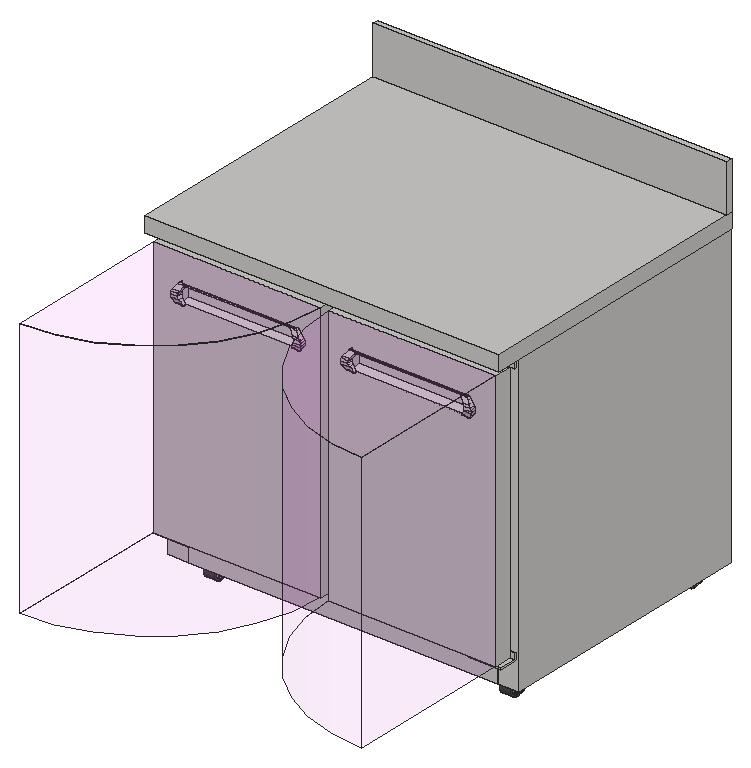
Revit family "Qf_Kelvinator_738338_KCHUCWT36R_2-Door_Worktop_Refrigerator_36_Long", category Specialty Equipment, Revit 2021
Family settings
  Round Connector Dimension = Use Diameter
  Part Type = Normal
  Work Plane-Based = No
  Always vertical = Yes
  Cut with Voids When Loaded = No
  Shared = No
  Room Calculation Point = No
Parameters
  Weight in Pounds = 182.984
  Watts = if(Phase = 3, Volts * FL Amps * 1.73, Volts * FL Amps)  # 230 W
  Volts = 115 V
  URL Cutsheet = ""
  Specification by User = ""
  Specification by Manufacturer = ""
  Show Clearance [instance] = yes
  Serial Number = ""
  Seismic Rating = ""
  SMACNA No = ""
  Revision Code = ""
  Refrigerant Type = "R600a"
  Phase = 1
  Number of Poles = 1
  NAFEM Spec ID Number = ""
  Model = "738338 (KCHUCWT36R)"
  Min Ckt Ampacity = 0 A
  Max Overcurrent Protection = 0 A
  Masterspec = ""
  Manufacturer = "Kelvinator Commercial"
  Length = 36 7/16"
  Item Number = "738338"
  Installed By = ""
  Identify Quantity as Lot = yes
  Height = 39 5/8"
  HP = "1/10"
  Furnished By = ""
  Foodservice Equipment Identifier = yes
  FL Amps = 2 A
  Electrical Remarks = ""
  Electric Connection Type = ""
  Elec Conn RI Height = 0"
  Elec Conn Connection Height = 0"
  Description = "2-Door Worktop Refrigerator 36\" Long"
  Depth = 29 15/16"
  Default Elevation = 0"
  Cycle = 60 Hz
  Conn Plug = "5-15P"
  Conn Conduit = yes
  CSI MasterFormat = ""
  Apparent Power = if(Phase = 3, Volts * FL Amps * 1.73, Volts * FL Amps)  # 230 VA
Reference planes (in)
  plane 1 "BACK": y = 0
  plane 2: z = 0
  plane 3 "LEFT": x = 0
  plane 4 "RIGHT": x = 36.41732
  plane 5 "FRONT": y = -29.92126
  plane 6 "TOP": z = 39.64567
  plane 7 "Center Y": x = 18.20866
  plane 8 "Center X": y = -14.96063
  plane 9 "Base Height": z = 2.3622
  plane 10: z = 33.14961
  plane 11 "Worktop": z = 34.72441
  plane 12: x = 32.48031
  plane 13: x = 36.4375
  plane 14: y = -29.9375
  plane 15: z = 39.625
Forms (in)
  Extrusion 1, solid, material "QF_Metal - Stainless - Polished"
    sketch origin (0, 0, 34.72441) x (-1, 0, 0) y (0, -1, 0)
      loop
        line (0, 0) -> (0, 29.9375) -> (-36.41732, 29.9375) -> (-36.41732, 0) -> (0, 0)
    from 0 to -1.5748
  Extrusion 2, solid, material "QF_Metal - Stainless - Polished"
    sketch origin (36.41732, 0, 34.72441) x (0, -1, 0) y (0, 0, -1)
      loop
        line (0, 1.5748) -> (27.19734, 1.5748) -> (27.19734, 32.3622) -> (11.81102, 32.3622) -> (11.81102, 22.83465) -> (0, 22.83465) -> (0, 1.5748)
    from -2.30315 to -34.11417
  Extrusion 3, solid, material "QF_Metal - Stainless - Polished"
    sketch origin (0, 0, 0) x (1, 0, 0) y (0, 0, 1)
      loop
        line (2.30315, 2.3622) -> (2.30315, 33.14961) -> (0.09843, 33.14961) -> (0.09843, 2.3622) -> (2.30315, 2.3622)
      loop
        line (36.3189, 33.14961) -> (34.11417, 33.14961) -> (34.11417, 2.3622) -> (36.3189, 2.3622) -> (36.3189, 33.14961)
    from 0 to 27.1811
  Extrusion 4, solid, material "QF_Metal - Stainless - Polished"
    sketch origin (0, 0, -5.11811) x (0, 1, 0) y (0, 0, 1)
      loop
        arc (-27.1811, 37.77165) -> (-27.23876, 37.91085) -> (-27.37795, 37.9685) r 0.19685
        line (-27.37795, 37.9685) -> (-29.08661, 37.9685) -> (-29.08661, 37.85039) -> (-27.29921, 37.85039) -> (-27.29921, 37.22047) -> (-27.1811, 37.22047) -> (-27.1811, 37.77165)
    from 0.45276 to 3.75984
  Extrusion 5, solid, material "QF_Metal - Stainless - Polished"
    sketch origin (0, -27.1811, 0) x (1, 0, 0) y (0, 0, 1)
      loop
        line (17.81496, 32.40157) -> (0.61024, 32.40157) -> (0.61024, 5.61024) -> (17.81496, 5.61024) -> (17.81496, 32.40157)
      loop
        line (18.60236, 32.40157) -> (18.60236, 5.61024) -> (35.80709, 5.61024) -> (35.80709, 32.40157) -> (18.60236, 32.40157)
    from 0.61024 to 2.3937
  Revolve 6, solid, material "QF_Metal - Stainless - Polished"
    sketch origin (1.20079, -180, 26.25883) x (0, 0, 1) y (0, -1, 0)
      loop
        line (6.14274, -151.31693) -> (6.14274, -151.45472) -> (6.59156, -151.45472)
        arc (6.59156, -151.45472) -> (6.62674, -151.44015) -> (6.64131, -151.40497) r 0.04975
        line (6.64131, -151.40497) -> (6.64131, -151.31693) -> (6.14274, -151.31693)
      axis (6.64131, -151.31693) -> (6.14274, -151.31693)
    angle from 0 to 360
  Extrusion 7, solid, material "QF_Metal - Stainless - Polished"
    sketch origin (36.41732, 0, -5.11811) x (0, 1, 0) y (0, 0, -1)
      loop
        line (-27.1811, -37.77165) -> (-27.1811, -37.22047) -> (-27.29921, -37.22047) -> (-27.29921, -37.85039) -> (-29.08661, -37.85039) -> (-29.08661, -37.9685) -> (-27.37795, -37.9685)
        arc (-27.37795, -37.9685) -> (-27.23876, -37.91085) -> (-27.1811, -37.77165) r 0.19685
    from 0.45276 to 3.75984
  Revolve 8, solid, material "QF_Metal - Stainless - Polished"
    sketch origin (35.21654, -180, 26.25883) x (0, 0, 1) y (0, 1, 0)
      loop
        line (6.14274, 151.31693) -> (6.64131, 151.31693) -> (6.64131, 151.40497)
        arc (6.64131, 151.40497) -> (6.62674, 151.44015) -> (6.59156, 151.45472) r 0.04975
        line (6.59156, 151.45472) -> (6.14274, 151.45472) -> (6.14274, 151.31693)
      axis (6.64131, 151.31693) -> (6.14274, 151.31693)
    angle from 0 to 360
  Extrusion 9, solid, material "QF_Metal - Stainless - Polished"
    sketch origin (0, 0, 35.57087) x (0, 1, 0) y (0, 0, 1)
      loop
        line (-27.1811, -30.2126) -> (-27.1811, -29.66142) -> (-27.29921, -29.66142) -> (-27.29921, -30.29134) -> (-29.08661, -30.29134) -> (-29.08661, -30.40945) -> (-27.37795, -30.40945)
        arc (-27.37795, -30.40945) -> (-27.23876, -30.35179) -> (-27.1811, -30.2126) r 0.19685
    from 0.45276 to 3.75984
  Revolve 10, solid, material "QF_Metal - Stainless - Polished"
    sketch origin (1.20079, -180, 4.19392) x (0, 0, -1) y (0, 1, 0)
      loop
        line (-1.41632, 151.31693) -> (-0.91774, 151.31693) -> (-0.91774, 151.40497)
        arc (-0.91774, 151.40497) -> (-0.93232, 151.44015) -> (-0.9675, 151.45472) r 0.04975
        line (-0.9675, 151.45472) -> (-1.41632, 151.45472) -> (-1.41632, 151.31693)
      axis (-0.91774, 151.31693) -> (-1.41632, 151.31693)
    angle from 0 to 360
  Extrusion 11, solid, material "QF_Metal - Stainless - Polished"
    sketch origin (36.41732, 0, 35.57087) x (0, 1, 0) y (0, 0, -1)
      loop
        arc (-27.1811, 30.2126) -> (-27.23876, 30.35179) -> (-27.37795, 30.40945) r 0.19685
        line (-27.37795, 30.40945) -> (-29.08661, 30.40945) -> (-29.08661, 30.29134) -> (-27.29921, 30.29134) -> (-27.29921, 29.66142) -> (-27.1811, 29.66142) -> (-27.1811, 30.2126)
    from 0.45276 to 3.75984
  Revolve 12, solid, material "QF_Metal - Stainless - Polished"
    sketch origin (35.21654, -180, 4.19392) x (0, 0, -1) y (0, -1, 0)
      loop
        line (-1.41632, -151.31693) -> (-1.41632, -151.45472) -> (-0.9675, -151.45472)
        arc (-0.9675, -151.45472) -> (-0.93232, -151.44015) -> (-0.91774, -151.40497) r 0.04975
        line (-0.91774, -151.40497) -> (-0.91774, -151.31693) -> (-1.41632, -151.31693)
      axis (-0.91774, -151.31693) -> (-1.41632, -151.31693)
    angle from 0 to 360
  Extrusion 13, void
    sketch origin (0.61024, -27.1811, 3.16929) x (0, 0, 1) y (0, 1, 0)
      loop
        line (26.49213, -2.3937) -> (27.11311, -2.10413) -> (27.11311, -1.51358) -> (24.81366, -1.51358) -> (24.57783, -2.3937) -> (24.57783, -2.89858) -> (26.49213, -2.89858) -> (26.49213, -2.3937)
    from -2.84232 to -14.79941
  Extrusion 14, solid, material "QF_Metal - Stainless - Polished"
    sketch origin (0.61024, -27.1811, 3.16929) x (0, 0, 1) y (0, 1, 0)
      loop
        arc (25.66255, -2.88583) -> (25.77736, -2.87427) -> (25.88756, -2.84005) r 0.57588
        line (25.88756, -2.84005) -> (26.4466, -2.60275)
        arc (26.4466, -2.60275) -> (26.47987, -2.5711) -> (26.49213, -2.52684) r 0.08605
        line (26.49213, -2.52684) -> (26.49213, -2.3937) -> (24.52362, -2.3937) -> (24.52362, -2.52684)
        arc (24.52362, -2.52684) -> (24.53587, -2.5711) -> (24.56914, -2.60275) r 0.08605
        line (24.56914, -2.60275) -> (25.12816, -2.84004)
        arc (25.12816, -2.84004) -> (25.23839, -2.87426) -> (25.35322, -2.88583) r 0.57598
        line (25.35322, -2.88583) -> (25.66255, -2.88583)
    from -2.08661 to -15.55512
  Extrusion 15, void
    sketch origin (0, -29.5748, 0) x (1, 0, 0) y (0, 0, 1)
      loop
        arc (3.06002, 27.7398) -> (3.09731, 27.70539) -> (3.1465, 27.69291) r 0.10321
        line (3.1465, 27.69291) -> (3.87833, 27.69291)
        arc (3.87833, 27.69291) -> (3.90778, 27.71044) -> (3.9064, 27.74469) r 0.0335
        line (3.9064, 27.74469) -> (3.54363, 28.30172)
        arc (3.54363, 28.30172) -> (3.47581, 28.44848) -> (3.45256, 28.60847) r 0.5621
        line (3.45256, 28.60847) -> (3.45256, 28.73108)
        arc (3.45256, 28.73108) -> (3.46785, 28.83045) -> (3.51232, 28.92062) r 0.33045
        line (3.51232, 28.92062) -> (3.92503, 29.51004)
        arc (3.92503, 29.51004) -> (3.99539, 29.57174) -> (4.08628, 29.59398) r 0.19685
        line (4.08628, 29.59398) -> (14.77592, 29.59398)
        arc (14.77592, 29.59398) -> (14.86682, 29.57174) -> (14.93717, 29.51004) r 0.19685
        line (14.93717, 29.51004) -> (15.34989, 28.92062)
        arc (15.34989, 28.92062) -> (15.39435, 28.83045) -> (15.40965, 28.73108) r 0.33045
        line (15.40965, 28.73108) -> (15.40965, 28.60847)
        arc (15.40965, 28.60847) -> (15.3864, 28.44848) -> (15.31857, 28.30172) r 0.5621
        line (15.31857, 28.30172) -> (14.95581, 27.74469)
        arc (14.95581, 27.74469) -> (14.95443, 27.71044) -> (14.98388, 27.69291) r 0.0335
        line (14.98388, 27.69291) -> (15.7157, 27.69291)
        arc (15.7157, 27.69291) -> (15.76489, 27.70539) -> (15.80219, 27.7398) r 0.10321
        line (15.80219, 27.7398) -> (16.09437, 28.18846)
        arc (16.09437, 28.18846) -> (16.1442, 28.30275) -> (16.15402, 28.42704) r 0.37698
        line (16.15402, 28.42704) -> (16.13067, 28.69395)
        arc (16.13067, 28.69395) -> (16.11058, 28.78454) -> (16.06774, 28.86684) r 0.35543
        line (16.06774, 28.86684) -> (15.56744, 29.58134)
        arc (15.56744, 29.58134) -> (15.50032, 29.6402) -> (15.41361, 29.66142) r 0.1878
        line (15.41361, 29.66142) -> (3.4486, 29.66142)
        arc (3.4486, 29.66142) -> (3.36188, 29.6402) -> (3.29476, 29.58133) r 0.1878
        line (3.29476, 29.58133) -> (2.79447, 28.86684)
        arc (2.79447, 28.86684) -> (2.75162, 28.78454) -> (2.73154, 28.69395) r 0.35543
        line (2.73154, 28.69395) -> (2.70819, 28.42704)
        arc (2.70819, 28.42704) -> (2.71801, 28.30275) -> (2.76783, 28.18846) r 0.37698
        line (2.76783, 28.18846) -> (3.06002, 27.7398)
      loop
        line (2.34034, 30.14943) -> (2.34034, 27.27147) -> (16.50464, 27.27147) -> (16.50464, 30.14943) -> (2.34034, 30.14943)
      loop
        line (33.3573, 27.7398) -> (33.64949, 28.18846)
        arc (33.64949, 28.18846) -> (33.69931, 28.30275) -> (33.70914, 28.42704) r 0.37698
        line (33.70914, 28.42704) -> (33.68578, 28.69395)
        arc (33.68578, 28.69395) -> (33.6657, 28.78454) -> (33.62286, 28.86684) r 0.35543
        line (33.62286, 28.86684) -> (33.12256, 29.58133)
        arc (33.12256, 29.58133) -> (33.05544, 29.6402) -> (32.96872, 29.66142) r 0.1878
        line (32.96872, 29.66142) -> (21.00371, 29.66142)
        arc (21.00371, 29.66142) -> (20.917, 29.6402) -> (20.84988, 29.58134) r 0.1878
        line (20.84988, 29.58134) -> (20.34958, 28.86684)
        arc (20.34958, 28.86684) -> (20.30674, 28.78454) -> (20.28666, 28.69395) r 0.35543
        line (20.28666, 28.69395) -> (20.26331, 28.42704)
        arc (20.26331, 28.42704) -> (20.27313, 28.30275) -> (20.32295, 28.18846) r 0.37698
        line (20.32295, 28.18846) -> (20.61514, 27.7398)
        arc (20.61514, 27.7398) -> (20.65243, 27.70539) -> (20.70162, 27.69291) r 0.10321
        line (20.70162, 27.69291) -> (21.43345, 27.69291)
        arc (21.43345, 27.69291) -> (21.46289, 27.71044) -> (21.46152, 27.74469) r 0.0335
        line (21.46152, 27.74469) -> (21.09875, 28.30172)
        arc (21.09875, 28.30172) -> (21.03093, 28.44848) -> (21.00768, 28.60847) r 0.5621
        line (21.00768, 28.60847) -> (21.00768, 28.73108)
        arc (21.00768, 28.73108) -> (21.02297, 28.83045) -> (21.06744, 28.92062) r 0.33045
        line (21.06744, 28.92062) -> (21.48015, 29.51004)
        arc (21.48015, 29.51004) -> (21.5505, 29.57174) -> (21.6414, 29.59398) r 0.19685
        line (21.6414, 29.59398) -> (32.33104, 29.59398)
        arc (32.33104, 29.59398) -> (32.42194, 29.57174) -> (32.49229, 29.51004) r 0.19685
        line (32.49229, 29.51004) -> (32.905, 28.92062)
        arc (32.905, 28.92062) -> (32.94947, 28.83045) -> (32.96477, 28.73108) r 0.33045
        line (32.96477, 28.73108) -> (32.96477, 28.60847)
        arc (32.96477, 28.60847) -> (32.94152, 28.44848) -> (32.87369, 28.30172) r 0.5621
        line (32.87369, 28.30172) -> (32.51093, 27.74469)
        arc (32.51093, 27.74469) -> (32.50955, 27.71044) -> (32.53899, 27.69291) r 0.0335
        line (32.53899, 27.69291) -> (33.27082, 27.69291)
        arc (33.27082, 27.69291) -> (33.32001, 27.70539) -> (33.3573, 27.7398) r 0.10321
      loop
        line (34.07698, 30.14943) -> (19.91268, 30.14943) -> (19.91268, 27.27147) -> (34.07698, 27.27147) -> (34.07698, 30.14943)
    from 0 to 0.84096
  Extrusion 16, void
    sketch origin (35.80709, -27.1811, 25.29134) x (0, 0, 1) y (0, -1, 0)
      loop
        line (4.37008, 2.3937) -> (4.37008, 2.89858) -> (2.45578, 2.89858) -> (2.45578, 2.3937) -> (2.69161, 1.51358) -> (4.99106, 1.51358) -> (4.99106, 2.10413) -> (4.37008, 2.3937)
    from -2.84232 to -14.79941
  Extrusion 17, solid, material "QF_Metal - Stainless - Polished"
    sketch origin (35.80709, -27.1811, 3.16929) x (0, 0, 1) y (0, -1, 0)
      loop
        line (26.4466, 2.60275) -> (25.88756, 2.84005)
        arc (25.88756, 2.84005) -> (25.77736, 2.87427) -> (25.66255, 2.88583) r 0.57588
        line (25.66255, 2.88583) -> (25.35322, 2.88583)
        arc (25.35322, 2.88583) -> (25.23839, 2.87426) -> (25.12816, 2.84004) r 0.57598
        line (25.12816, 2.84004) -> (24.56914, 2.60275)
        arc (24.56914, 2.60275) -> (24.53587, 2.5711) -> (24.52362, 2.52684) r 0.08605
        line (24.52362, 2.52684) -> (24.52362, 2.3937) -> (26.49213, 2.3937) -> (26.49213, 2.52684)
        arc (26.49213, 2.52684) -> (26.47987, 2.5711) -> (26.4466, 2.60275) r 0.08605
    from -2.08661 to -15.55512
  Extrusion 18, solid, material "QF_Metal - Stainless - Polished"
    sketch origin (0.09843, 0, 2.3622) x (0, 0, 1) y (0, 1, 0)
      loop
        line (0, -11.81102) -> (0, 0) -> (-0.70866, 0) -> (-0.70866, -0.31496) -> (-0.64961, -0.31496) -> (-0.64961, -0.05906) -> (-0.05906, -0.05906) -> (-0.05906, -11.81102) -> (0, -11.81102)
      loop
        line (0, -27.02362) -> (0, -21.82677) -> (-0.70866, -21.82677) -> (-0.70866, -22.14173) -> (-0.64961, -22.14173) -> (-0.64961, -21.88583) -> (-0.05906, -21.88583) -> (-0.05906, -27.02362) -> (0, -27.02362)
    from -0.94882 to -35.27165
  Extrusion 19, solid, material "QF_Metal - Stainless - Polished"
    sketch origin (0, 0, 0) x (-1, 0, 0) y (0, 0, 1)
      loop
        line (-2.30315, 11.88976) -> (-34.11417, 11.88976) -> (-34.11417, 2.3622) -> (-2.30315, 2.3622) -> (-2.30315, 11.88976)
    from 0 to -0.0626
  Extrusion 20, solid, material "QF_Rubber - Black - Smooth"
    sketch origin (0, 0, 0) x (-1, 0, 0) y (0, 0, 1)
      loop
        circle (-32.48031, 10.77165) r 0.25
    from 0 to 0.0626
  Extrusion 21, solid, material "QF_Clearances_Door_Drawer", visible <- "Show Clearance"
    sketch origin (14.06858, -27.1811, 5.61024) x (0, -1, 0) y (-1, 0, 0)
      loop
        line (2.3937, -4.53378) -> (2.3937, -21.73851) -> (19.59843, -21.73851)
        arc (19.59843, -21.73851) -> (14.55928, -9.57293) -> (2.3937, -4.53378) r 17.20472
      loop
        arc (2.3937, -3.74638) -> (14.55928, 1.29277) -> (19.59843, 13.45834) r 17.20472
        line (19.59843, 13.45834) -> (2.3937, 13.45834) -> (2.3937, -3.74638)
    from 0 to -26.79134
  Extrusion 22, solid, material "QF_Rubber - Black - Smooth"
    sketch origin (0, -27.79134, 0) x (-1, 0, 0) y (0, 0, 1)
      loop
        line (-1.11024, 31.90157) -> (-17.31496, 31.90157) -> (-17.31496, 6.11024) -> (-1.11024, 6.11024) -> (-1.11024, 31.90157)
      loop
        line (-35.30709, 31.90157) -> (-35.30709, 6.11024) -> (-19.10236, 6.11024) -> (-19.10236, 31.90157) -> (-35.30709, 31.90157)
    from 0 to 0.61024
  Extrusion 23, solid, material "QF_Metal - Stainless - Polished"
    sketch origin (0, 0, 34.72441) x (-1, 0, 0) y (0, -1, 0)
      loop
        line (0, 0) -> (0, 0.60236) -> (-36.4375, 0.60236) -> (-36.4375, 0) -> (0, 0)
    from 0 to 4.90059
Cuts and joins
  joined: Extrusion 2, Extrusion 3
  Extrusion 13, Extrusion 16 cuts Extrusion 5
  Extrusion 15, Extrusion 16 cuts Extrusion 14
  Extrusion 15 cuts Extrusion 17
Lines and regions (in)
  symbolic lines
    curve 1: line (0, 0, 39.64567) -> (36.4375, 0, 39.64567)
    curve 2: line (0, -29.9375, 39.64567) -> (0, 0, 39.64567)
    curve 3: line (36.4375, -29.9375, 39.64567) -> (0, -29.9375, 39.64567)
    curve 4: line (36.4375, 0, 39.64567) -> (36.4375, -29.9375, 39.64567)
    curve 9: line (0, -0.60236, 39.64567) -> (36.4375, -0.60236, 39.64567)
  symbolic lines, style "QF_Clearances_Door_Drawer", visible <- "Show Clearance"
    curve 5: line (35.17888, -29.9375, 39.64567) -> (20.90736, -38.17717, 39.64567)
    curve 6: arc (20.90736, -38.17717, 39.64567) -> (19.23646, -34.20264, 39.64567) -> (18.60619, -29.9375, 39.64567) r 17.20472
    curve 7: line (1.23845, -29.9375, 39.64567) -> (15.50996, -38.17717, 39.64567)
    curve 8: arc (15.50996, -38.17717, 39.64567) -> (17.18086, -34.20264, 39.64567) -> (17.81114, -29.9375, 39.64567) r 17.20472
Dimensions and locks (in)
  equal spacing: plane 3 "LEFT", plane 7 "Center Y", plane 4 "RIGHT"
  plane 3 "LEFT" to plane 4 "RIGHT" = 36.41732"
  equal spacing: plane 5 "FRONT", plane 8 "Center X", plane 1 "BACK"
  plane 5 "FRONT" to plane 1 "BACK" = 29.92126"
  plane 6 "TOP" to level = 39.64567"
  plane 9 "Base Height" to level = 2.3622"
  plane 6 "TOP" to plane 9 "Base Height" = 37.28346"
  plane 10 to plane 9 "Base Height" = 30.7874"
  plane 11 "Worktop" to plane 10 = 1.5748"
  plane 12 to plane 4 "RIGHT" = 3.93701"
  plane 3 "LEFT" to plane 13 = 36 7/16"
  plane 1 "BACK" to plane 14 = 29 15/16"
  plane 15 to level = 39 5/8"
  aligned and locked: level to plane 2
Automatic sketch dimensions
  Extrusion 2 sketch curve to Extrusion 1 = 0"  (x2)
  Extrusion 1 to Extrusion 2 sketch curve = 11.81102"
  Extrusion 1 to Extrusion 2 sketch curve = 2.74016"
  Extrusion 2 sketch curve to Extrusion 1 = 21.25984"
  Extrusion 2 sketch curve to Extrusion 2 sketch curve = 9.52756"
  Extrusion 3 sketch curve to plane 9 "Base Height" = 0"  (x2)
  plane 3 "LEFT" to Extrusion 3 sketch curve = 0.09843"
  Extrusion 3 sketch curve to Extrusion 3 sketch curve = 2.20472"
  plane 4 "RIGHT" to Extrusion 3 sketch curve = 2.30315"
  plane 4 "RIGHT" to Extrusion 3 sketch curve = 0.09843"
  Extrusion 3 sketch curve to plane 6 "TOP" = 6.49606"  (x2)
  Extrusion 4 sketch curve to plane 5 "FRONT" = 0.83465"
  Extrusion 4 sketch curve to Extrusion 4 sketch curve = 1.70866"
  Extrusion 4 sketch curve to Extrusion 4 sketch curve = 0.07874"
  Extrusion 4 sketch curve to Extrusion 4 sketch curve = 0.11811"  (x2)
  Extrusion 4 sketch curve to plane 6 "TOP" = 7.54331"
  Extrusion 4 sketch curve to Extrusion 4 sketch curve = 0.55118"
  Extrusion 5 sketch curve to Extrusion 3 = 0.51181"  (x2)
  Extrusion 5 sketch curve to Extrusion 3 = 0.74803"  (x2)
  Extrusion 3 to Extrusion 5 sketch curve = 15.51181"
  Extrusion 5 sketch curve to Extrusion 5 sketch curve = 0.7874"
  Extrusion 5 sketch curve to Extrusion 3 = 3.24803"
  Extrusion 5 sketch curve to Extrusion 5 sketch curve = 0"
  Revolve 6 sketch curve to plane 6 "TOP" = 7.24409"
  Revolve 6 sketch curve to Revolve 6 sketch curve = 0.44882"
  Revolve 6 sketch curve to Revolve 6 sketch curve = 0.04975"
  Revolve 6 sketch curve to plane 5 "FRONT" = 1.37598"
  Revolve 6 sketch curve to Revolve 6 sketch curve = 0.1378"
  Revolve 6 sketch curve to Revolve 6 sketch curve = 0.68421"
  Revolve 6 sketch curve to Revolve 6 sketch curve = 0"  (x2)
  Extrusion 7 sketch curve to plane 5 "FRONT" = 0.83465"
  Extrusion 7 sketch curve to Extrusion 7 sketch curve = 1.70866"
  Extrusion 7 sketch curve to Extrusion 7 sketch curve = 0.07874"  (x2)
  Extrusion 7 sketch curve to Extrusion 7 sketch curve = 0.11811"
  Extrusion 7 sketch curve to plane 6 "TOP" = 6.79528"
  Extrusion 7 sketch curve to Extrusion 7 sketch curve = 0.55118"
  Revolve 8 sketch curve to plane 6 "TOP" = 7.24409"
  Revolve 8 sketch curve to Revolve 8 sketch curve = 0.44882"
  Revolve 8 sketch curve to Revolve 8 sketch curve = 0.04975"
  Revolve 8 sketch curve to plane 5 "FRONT" = 1.23819"
  Revolve 8 sketch curve to Revolve 8 sketch curve = 0.08804"
  Revolve 8 sketch curve to Revolve 8 sketch curve = 0.68421"
  Revolve 8 sketch curve to Revolve 8 sketch curve = 0"  (x2)
  Extrusion 9 sketch curve to plane 5 "FRONT" = 0.83465"
  plane 9 "Base Height" to Extrusion 9 sketch curve = 2.79921"
  Extrusion 9 sketch curve to Extrusion 9 sketch curve = 1.70866"
  Extrusion 9 sketch curve to Extrusion 9 sketch curve = 0.07874"  (x2)
  Extrusion 9 sketch curve to Extrusion 9 sketch curve = 0.11811"
  Extrusion 9 sketch curve to Extrusion 9 sketch curve = 0.55118"
  plane 9 "Base Height" to Revolve 10 sketch curve = 3.24803"
  plane 9 "Base Height" to Revolve 10 sketch curve = 2.79921"
  Revolve 10 sketch curve to Revolve 10 sketch curve = 0.04975"
  Revolve 10 sketch curve to plane 5 "FRONT" = 1.23819"
  Revolve 10 sketch curve to Revolve 10 sketch curve = 0.08804"
  Revolve 10 sketch curve to Revolve 10 sketch curve = 0.68421"
  Revolve 10 sketch curve to Revolve 10 sketch curve = 0"  (x2)
  Extrusion 11 sketch curve to plane 5 "FRONT" = 0.83465"
  plane 9 "Base Height" to Extrusion 11 sketch curve = 2.79921"
  Extrusion 11 sketch curve to Extrusion 11 sketch curve = 1.70866"
  Extrusion 11 sketch curve to Extrusion 11 sketch curve = 0.07874"
  Extrusion 11 sketch curve to Extrusion 11 sketch curve = 0.11811"  (x2)
  Extrusion 11 sketch curve to Extrusion 11 sketch curve = 0.55118"
  plane 9 "Base Height" to Revolve 12 sketch curve = 3.24803"
  plane 9 "Base Height" to Revolve 12 sketch curve = 2.79921"
  Revolve 12 sketch curve to Revolve 12 sketch curve = 0.04975"
  Revolve 12 sketch curve to plane 5 "FRONT" = 1.37598"
  Revolve 12 sketch curve to Revolve 12 sketch curve = 0.1378"
  Revolve 12 sketch curve to Revolve 12 sketch curve = 0.68421"
  Revolve 12 sketch curve to Revolve 12 sketch curve = 0"  (x2)
  Extrusion 13 sketch curve to Extrusion 5 = 0"  (x2)
  Extrusion 5 to Extrusion 13 sketch curve = 4.65445"
  Extrusion 13 sketch curve to Extrusion 13 sketch curve = 0.23583"
  Extrusion 13 sketch curve to Extrusion 13 sketch curve = 1.67847"
  Extrusion 5 to Extrusion 13 sketch curve = 0.28957"
  Extrusion 13 sketch curve to Extrusion 13 sketch curve = 0.62098"
  Extrusion 13 sketch curve to Extrusion 5 = 0.50488"
  Extrusion 13 sketch curve to Extrusion 13 sketch curve = 0.59055"
  Extrusion 14 sketch curve to Extrusion 5 = 0"
  Extrusion 14 sketch curve to Extrusion 5 = 0.13314"  (x2)
  Extrusion 5 to Extrusion 14 sketch curve = 4.70866"
  Extrusion 14 sketch curve to Extrusion 5 = 0.20905"  (x2)
  Extrusion 14 sketch curve to Extrusion 14 sketch curve = 0.04552"
  Extrusion 14 sketch curve to Extrusion 5 = 0.44634"
  Extrusion 14 sketch curve to Extrusion 14 sketch curve = 0.51849"
  Extrusion 14 sketch curve to Extrusion 14 sketch curve = 0.22505"
  Extrusion 14 sketch curve to Extrusion 14 sketch curve = 0.30933"
  Extrusion 14 sketch curve to Extrusion 5 = 0.44635"
  Extrusion 14 sketch curve to Extrusion 14 sketch curve = 0.22501"
  Extrusion 14 sketch curve to Extrusion 14 sketch curve = 0.51851"
  Extrusion 14 sketch curve to Extrusion 14 sketch curve = 0.04053"
  Extrusion 14 sketch curve to Extrusion 14 sketch curve = 0.04578"
  Extrusion 16 sketch curve to plane 5 "FRONT" = 0.34646"  (x2)
  Extrusion 16 sketch curve to plane 6 "TOP" = 11.89855"
  Extrusion 16 sketch curve to Extrusion 16 sketch curve = 0.23583"
  Extrusion 16 sketch curve to Extrusion 16 sketch curve = 1.67847"
  Extrusion 16 sketch curve to Extrusion 16 sketch curve = 0.62098"
  Extrusion 16 sketch curve to plane 5 "FRONT" = 0.63603"
  Extrusion 16 sketch curve to Extrusion 16 sketch curve = 0.88012"
  plane 5 "FRONT" to Extrusion 16 sketch curve = 0.15842"
  Extrusion 15 sketch curve to Extrusion 5 = 1.7301"
  Extrusion 15 sketch curve to Extrusion 15 sketch curve = 0.36785"
  Extrusion 15 sketch curve to Extrusion 15 sketch curve = 0.02335"  (x2)
  Extrusion 15 sketch curve to Extrusion 15 sketch curve = 0.05965"  (x4)
  Extrusion 15 sketch curve to Extrusion 15 sketch curve = 0.06293"  (x4)
  Extrusion 15 sketch curve to Extrusion 15 sketch curve = 0.29218"  (x2)
  Extrusion 15 sketch curve to Extrusion 15 sketch curve = 0.37554"  (x2)
  Extrusion 15 sketch curve to Extrusion 15 sketch curve = 0.00189"  (x4)
  Extrusion 15 sketch curve to Extrusion 15 sketch curve = 0.08648"  (x4)
  Extrusion 15 sketch curve to Extrusion 15 sketch curve = 0.5003"  (x2)
  Extrusion 15 sketch curve to Extrusion 15 sketch curve = 0.15384"  (x2)
  Extrusion 15 sketch curve to Extrusion 15 sketch curve = 0.36694"  (x4)
  Extrusion 15 sketch curve to Extrusion 15 sketch curve = 0.05976"  (x4)
  Extrusion 15 sketch curve to Extrusion 15 sketch curve = 0.09108"  (x2)
  Extrusion 15 sketch curve to Extrusion 15 sketch curve = 0.33045"
  Extrusion 15 sketch curve to Extrusion 15 sketch curve = 0.3347"  (x2)
  Extrusion 15 sketch curve to Extrusion 15 sketch curve = 0.02807"  (x4)
  Extrusion 15 sketch curve to Extrusion 15 sketch curve = 0.47643"  (x2)
  Extrusion 15 sketch curve to Extrusion 15 sketch curve = 0.23164"  (x4)
  Extrusion 15 sketch curve to Extrusion 15 sketch curve = 0.16125"  (x4)
  Extrusion 15 sketch curve to Extrusion 5 = 3.03904"
  Extrusion 15 sketch curve to Extrusion 15 sketch curve = 0.07163"  (x2)
  Extrusion 15 sketch curve to Extrusion 15 sketch curve = 0.10826"  (x2)
  Extrusion 15 sketch curve to Extrusion 15 sketch curve = 0.23938"  (x2)
  Extrusion 15 sketch curve to Extrusion 15 sketch curve = 0.27069"  (x3)
  Extrusion 15 sketch curve to Extrusion 15 sketch curve = 0.47644"  (x2)
  Extrusion 15 sketch curve to Extrusion 15 sketch curve = 0.15383"  (x2)
  Extrusion 15 sketch curve to Extrusion 15 sketch curve = 0.39713"  (x2)
  Extrusion 15 sketch curve to Extrusion 15 sketch curve = 0.29115"  (x2)
  Extrusion 15 sketch curve to Extrusion 15 sketch curve = 0.3159"  (x2)
  Extrusion 15 sketch curve to Extrusion 15 sketch curve = 0.9372"
  Extrusion 15 sketch curve to Extrusion 5 = 1.31032"
  Extrusion 15 sketch curve to Extrusion 15 sketch curve = 0.35062"
  Extrusion 15 sketch curve to Extrusion 5 = 3.47605"
  Extrusion 15 sketch curve to Extrusion 15 sketch curve = 0.71968"
  Extrusion 15 sketch curve to Extrusion 5 = 5.13011"  (x2)
  Extrusion 15 sketch curve to Extrusion 15 sketch curve = 0.42145"  (x4)
  Extrusion 15 sketch curve to Extrusion 15 sketch curve = 0.0335"  (x4)
  Extrusion 15 sketch curve to Extrusion 15 sketch curve = 3/64"  (x4)
  Extrusion 15 sketch curve to Extrusion 15 sketch curve = 0.44866"  (x4)
  Extrusion 15 sketch curve to Extrusion 15 sketch curve = 0.5056"  (x4)
  Extrusion 15 sketch curve to Extrusion 15 sketch curve = 0.20572"  (x4)
  Extrusion 15 sketch curve to Extrusion 15 sketch curve = 0.26879"  (x4)
  Extrusion 15 sketch curve to Extrusion 15 sketch curve = 0.26691"  (x4)
  Extrusion 15 sketch curve to Extrusion 15 sketch curve = 0.12262"  (x4)
  Extrusion 15 sketch curve to Extrusion 15 sketch curve = 0.66605"  (x4)
  Extrusion 15 sketch curve to Extrusion 15 sketch curve = 0.55299"  (x2)
  Extrusion 15 sketch curve to Extrusion 15 sketch curve = 0.553"  (x2)
  Extrusion 15 sketch curve to Extrusion 15 sketch curve = 0.11291"  (x2)
  Extrusion 15 sketch curve to Extrusion 15 sketch curve = 0.10772"  (x2)
  Extrusion 15 sketch curve to Extrusion 15 sketch curve = 0.56809"  (x2)
  Extrusion 17 sketch curve to Extrusion 5 = 0"
  Extrusion 17 sketch curve to Extrusion 5 = 4.70866"
  Extrusion 17 sketch curve to Extrusion 5 = 0.20905"  (x2)
  Extrusion 17 sketch curve to Extrusion 17 sketch curve = 0.04552"
  Extrusion 17 sketch curve to Extrusion 17 sketch curve = 0.04053"  (x2)
  Extrusion 17 sketch curve to Extrusion 5 = 0.44634"
  Extrusion 17 sketch curve to Extrusion 17 sketch curve = 0.51849"
  Extrusion 17 sketch curve to Extrusion 17 sketch curve = 0.22505"
  Extrusion 5 to Extrusion 17 sketch curve = 0.08375"
  Extrusion 17 sketch curve to Extrusion 17 sketch curve = 0.30933"
  Extrusion 17 sketch curve to Extrusion 5 = 0.44635"
  Extrusion 17 sketch curve to Extrusion 17 sketch curve = 0.22501"
  Extrusion 17 sketch curve to Extrusion 5 = 0.13314"
  Extrusion 17 sketch curve to Extrusion 17 sketch curve = 0.51851"
  Extrusion 3 to Extrusion 19 sketch curve = 0"
  Extrusion 19 sketch curve to Extrusion 3 = 0"  (x2)
  Extrusion 19 sketch curve to Extrusion 3 = 9.52756"
  Extrusion 20 sketch curve to Extrusion 19 = 1.63386"
  Extrusion 20 sketch curve to Extrusion 19 = 1.11811"
  Extrusion 5 to Extrusion 21 sketch curve = 0"
  Extrusion 21 sketch curve to Extrusion 5 = 0"  (x3)
  Extrusion 5 to Extrusion 21 sketch curve = 17.20472"
  Extrusion 21 sketch curve to Extrusion 21 sketch curve = 0.7874"
  Extrusion 22 sketch curve to Extrusion 5 = 1/2"  (x8)
  plane 1 "BACK" to curve 1 = 0"
  curve 1 to plane 4 "RIGHT" = 0.02018"
  plane 5 "FRONT" to curve 5 = 0.01624"
  curve 2 to plane 3 "LEFT" = 0"
  plane 4 "RIGHT" to curve 6 = 0.61024"
  plane 7 "Center Y" to curve 5 = 2.6987"
  curve 7 to plane 7 "Center Y" = 2.6987"
  plane 3 "LEFT" to curve 8 = 0.61024"
  curve 6 to plane 5 "FRONT" = 0.34646"
  curve 8 to plane 5 "FRONT" = 0.34646"
  plane 5 "FRONT" to curve 5 = 8.25591"
  curve 7 to curve 5 = 0"
  curve 6 to curve 5 = 0.62821"
  curve 7 to curve 8 = 0.62821"
  plane 1 "BACK" to Extrusion 1 sketch curve = 0"
  Extrusion 1 sketch curve to plane 4 "RIGHT" = 0"
  Extrusion 1 sketch curve to plane 3 "LEFT" = 0"
  plane 5 "FRONT" to Extrusion 1 sketch curve = 0.01624"
  Extrusion 23 sketch curve to Extrusion 1 = 0"  (x2)
  Extrusion 1 to Extrusion 23 sketch curve = 0.02018"
  Extrusion 23 sketch curve to Extrusion 1 = 0.60236"
  curve 1 to curve 9 = 0.60236"
  Extrusion 18 sketch curve to Extrusion 3 = 0"  (x3)
  Extrusion 18 sketch curve to Extrusion 3 = 0.05906"  (x2)
  Extrusion 18 sketch curve to Extrusion 18 sketch curve = 0.59055"  (x2)
  Extrusion 3 to Extrusion 18 sketch curve = 0.05906"
  Extrusion 18 sketch curve to Extrusion 18 sketch curve = 0.05906"  (x3)
  Extrusion 18 sketch curve to Extrusion 18 sketch curve = 0.25591"  (x2)
  Extrusion 18 sketch curve to Extrusion 18 sketch curve = 11.49606"
  Extrusion 18 sketch curve to Extrusion 18 sketch curve = 10.01575"
  Extrusion 3 to Extrusion 18 sketch curve = 0.15748"
  radius of Extrusion 20 sketch curve = 1/4"
Nested families (in)
  nested 1: "2 INCHES_CASTER" at (33.44094, -2.16535, 0), type "2 INCHES_CASTER"
    with Type Mark "", Specification by User "", Revision Code "", Item Number "", Installed By "", Identify Quantity as Lot yes, Furnished By "", Foodservice Equipment Identifier yes, 2.5 Inches Caster yes
  nested 2: "2 INCHES_CASTER" at (33.44094, -25.01575, 0), type "2 INCHES_CASTER"
    with Type Mark "", Specification by User "", Revision Code "", Item Number "", Installed By "", Identify Quantity as Lot yes, Furnished By "", Foodservice Equipment Identifier yes, 2.5 Inches Caster yes
  nested 3: "2 INCHES_CASTER" at (2.97638, -2.16535, 0), type "2 INCHES_CASTER"
    with Type Mark "", Specification by User "", Revision Code "", Item Number "", Installed By "", Identify Quantity as Lot yes, Furnished By "", Foodservice Equipment Identifier yes, 2.5 Inches Caster yes
  nested 4: "2 INCHES_CASTER" at (2.97638, -25.01575, 0), type "2 INCHES_CASTER"
    with Type Mark "", Specification by User "", Revision Code "", Item Number "", Installed By "", Identify Quantity as Lot yes, Furnished By "", Foodservice Equipment Identifier yes, 2.5 Inches Caster yes
Connectors (in)
  electrical at (32.48031, 0.0626, 10.77165), driven by "Volts"
    settings: on Extrusion 20, index 1, voltage 115 V, apparent load 0 VA, apparent load phase1 0 VA, apparent load phase2 0 VA, apparent load phase3 0 VA, power factor 1, load classification "Other", number of poles 1, system type 30, power factor state 1, is connector primary yes, connector utility no, sub classification motor no, connector description "Electrical Connection"
Definition of nested family "2 INCHES_CASTER"
  Parameters (values of type "2 INCHES_CASTER")
    Weight = ""
    URL Manufacturer = ""
    URL Cutsheet = ""
    URL = ""
    Type Mark [instance] = ""
    Specification by User [instance] = ""
    Specification by Manufacturer = ""
    Serial Number = ""
    Seismic Rating = ""
    SMACNA No = ""
    Revision Code [instance] = ""
    Omniclass Number and Title = ""
    NAFEM Spec ID Number = ""
    Model = ""
    MasterSpec. = ""
    Manufacturer = ""
    Item Number [instance] = ""
    Installed By [instance] = ""
    Identify Quantity as Lot [instance] = yes
    Furnished By [instance] = ""
    Foodservice Equipment Identifier [instance] = yes
    Description = ""
    Default Elevation = 0"
    CSI MasterFormat = ""
    CSI Master Format = ""
    Assembly Code = ""
    2.5 Inches Caster [instance] = yes
  Reference planes (in)
    plane 1: z = 0
    plane 2 "RIGHT": x = 0
    plane 3 "FRONT": y = 0
    plane 4 "TOP": z = 2.30315
  Forms (in)
    Revolve 1, solid, visible <- "2.5 Inches Caster"
      sketch origin (-1.93794, 0.46818, -1.0041) x (1, 0, 0) y (0, 0, 1)
        loop
          line (0.74055, 1.86347) -> (0.74055, 1.78797) -> (0.79055, 1.73797) -> (0.85055, 1.73797) -> (0.85055, 1.6179) -> (1.235, 1.6179) -> (1.235, 1.55055) -> (1.38673, 1.46295) -> (1.4003, 1.3791) -> (1.34375, 1.3791) -> (1.34375, 1.2541) -> (1.375, 1.2541) -> (1.375, 1.0041) -> (2.48438, 1.0041) -> (2.48438, 1.2541) -> (2.51563, 1.2541) -> (2.51563, 1.3791) -> (2.45908, 1.3791) -> (2.47322, 1.46647) -> (2.62438, 1.55374) -> (2.62438, 1.6179) -> (3.04007, 1.6179) -> (3.04007, 1.73797) -> (3.10007, 1.73797) -> (3.15007, 1.78797) -> (3.15007, 1.86347) -> (0.74055, 1.86347)
        axis (0.74055, 1.86347) -> (3.15007, 1.86347)
      angle from 0 to 360
    Extrusion 2, solid, visible <- "2.5 Inches Caster"
      sketch origin (-1.93794, 1.43296, -3.41527) x (0, 1, 0) y (0, 0, 1)
        loop
          line (-0.64294, 5.3791) -> (-2.21294, 5.3791) -> (-2.21294, 5.24769) -> (-1.37414, 5.24769)
          arc (-1.37414, 5.24769) -> (-0.62115, 5.15851) -> (0.05138, 4.80832) r 2.10495
          line (0.05138, 4.80832) -> (0.12713, 4.91318)
          arc (0.12713, 4.91318) -> (-0.07255, 5.06376) -> (-0.29048, 5.18644) r 1.8753
          line (-0.29048, 5.18644) -> (-0.22239, 5.30423)
          arc (-0.22239, 5.30423) -> (-0.42936, 5.36024) -> (-0.64294, 5.3791) r 1.21859
      from 1.17357 to 2.70231
    Revolve 3, solid, visible <- "2.5 Inches Caster"
      sketch origin (0, 1.73858, -3.75) x (0, 1, 0) y (0, 0, 1)
        loop
          line (-1.73858, 5.71382) -> (-1.05793, 5.71382) -> (-1.05793, 6.05315) -> (-1.73858, 6.05315) -> (-1.73858, 5.71382)
        axis (-1.73858, 5.71382) -> (-1.73858, 6.05315)
      angle from 0 to 360
    Extrusion 4, solid, visible <- "2.5 Inches Caster"
      sketch origin (-1.98481, 1.43296, -1.7541) x (0, 1, 0) y (0, 0, 1)
        loop
          line (-2.21294, 3.71792) -> (-2.21294, 3.58652) -> (-1.94904, 3.58652)
          arc (-1.94904, 3.58652) -> (-1.56115, 3.28048) -> (-1.39241, 2.81612) r 0.90292
          arc (-1.39241, 2.81612) -> (-1.36136, 2.62044) -> (-1.29729, 2.43295) r 1.15385
          arc (-1.29729, 2.43295) -> (-0.94802, 2.21237) -> (-0.6121, 2.45278) r 0.37001
          arc (-0.6121, 2.45278) -> (-0.59625, 2.50123) -> (-0.58446, 2.55082) r 0.61695
          arc (-0.58446, 2.55082) -> (-0.36134, 2.95548) -> (0.05609, 3.15367) r 0.75313
          line (0.05609, 3.15367) -> (0.12713, 3.252)
          arc (0.12713, 3.252) -> (-0.07255, 3.40259) -> (-0.29048, 3.52526) r 1.8753
          line (-0.29048, 3.52526) -> (-0.22239, 3.64306)
          arc (-0.22239, 3.64306) -> (-0.42936, 3.69906) -> (-0.64294, 3.71792) r 1.21859
          line (-0.64294, 3.71792) -> (-2.21294, 3.71792)
      from 2.74918 to 2.90825
    Extrusion 5, solid, visible <- "2.5 Inches Caster"
      sketch origin (1.98481, 1.43296, -1.7541) x (0, 1, 0) y (0, 0, -1)
        loop
          arc (-0.58446, -2.55082) -> (-0.59625, -2.50123) -> (-0.6121, -2.45278) r 0.61695
          arc (-0.6121, -2.45278) -> (-0.94802, -2.21237) -> (-1.29729, -2.43295) r 0.37001
          arc (-1.29729, -2.43295) -> (-1.36136, -2.62044) -> (-1.39241, -2.81612) r 1.15385
          arc (-1.39241, -2.81612) -> (-1.56115, -3.28048) -> (-1.94904, -3.58652) r 0.90292
          line (-1.94904, -3.58652) -> (-2.21294, -3.58652) -> (-2.21294, -3.71792) -> (-0.64294, -3.71792)
          arc (-0.64294, -3.71792) -> (-0.42936, -3.69906) -> (-0.22239, -3.64306) r 1.21859
          line (-0.22239, -3.64306) -> (-0.29048, -3.52526)
          arc (-0.29048, -3.52526) -> (-0.07255, -3.40259) -> (0.12713, -3.252) r 1.8753
          line (0.12713, -3.252) -> (0.05609, -3.15367)
          arc (0.05609, -3.15367) -> (-0.36134, -2.95548) -> (-0.58446, -2.55082) r 0.75313
      from 2.74918 to 2.90825
  Lines and regions (in)
    symbolic lines, visible <- "2.5 Inches Caster"
      curve 1: line (0.10651, 1.59133, 0) -> (0.80944, 1.1855, 0)
      curve 2: line (-0.89349, -0.14072, 0) -> (0.10651, 1.59133, 0)
      curve 3: line (-0.19056, -0.54656, 0) -> (-0.89349, -0.14072, 0)
      curve 4: line (0.80944, 1.1855, 0) -> (-0.19056, -0.54656, 0)
  Dimensions and locks (in)
    plane 4 "TOP" to level = 2.30315"  (x2)
    aligned and locked: level to plane 1
